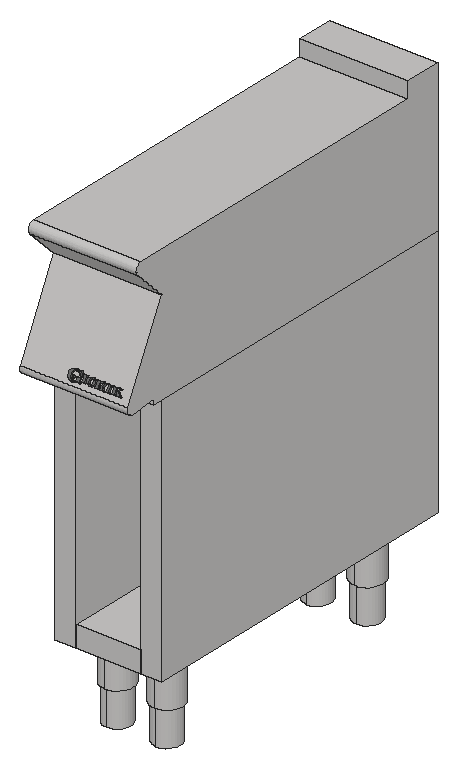
Revit family "QF_GIORIK_EN710G", category Specialty Equipment, Revit 2014
Parameters (values of type "EN710G")
  Weight in Pounds = 88.1848
  URL Cutsheet = "www.giorik.com"
  URL = "www.giorik.com"
  Status [instance] = ""
  Specification by User [instance] = ""
  Specification by Manufacturer = ""
  Show Logo [instance] = yes
  Show Clearance [instance] = yes
  Serial Number = ""
  Seismic Rating = ""
  SMACNA No = ""
  Revision Code [instance] = ""
  NAFEM Spec ID Number = ""
  Model = "EN710G"
  Masterspec = ""
  Manufacturer = "GIORIK"
  Item Number [instance] = ""
  Installed By [instance] = ""
  Identify Quantity as Lot [instance] = no
  Furnished By [instance] = ""
  Foodservice Equipment Identifier [instance] = yes
  Description = "NEUTRAL UNIT ON OPEN BASE UNIT"
  CSI MasterFormat = ""
  Assembly Code = "E1090320"
Reference planes
  plane 1 "Back": y = 0
  plane 2: z = 0
  plane 3 "Left": x = 0
  plane 4 "Right": x = 200
  plane 5 "Front": y = -720
  plane 6 "Top": z = 900
Forms (mm)
  Extrusion 1, solid, visible <- "Show Logo"
    sketch origin (-8.396, -736.761, 609.486) x (-1, 0, 0) y (0, 0.452718, 0.891654)
      loop
        line (-118.824, 58.358) -> (-127.804, 58.358) -> (-125.523, 56.445) -> (-125.523, 48.027) -> (-127.804, 46.113) -> (-118.824, 46.113) -> (-121.105, 48.027) -> (-121.105, 56.445) -> (-118.824, 58.358)
      loop
        line (-163.721, 58.358) -> (-172.7, 58.358) -> (-170.42, 56.445) -> (-170.42, 48.027) -> (-172.7, 46.113) -> (-163.721, 46.113) -> (-166.001, 48.027) -> (-166.001, 56.445) -> (-163.721, 58.358)
      loop
        line (-174.332, 58.358) -> (-183.312, 58.358) -> (-181.031, 56.445) -> (-181.031, 52.435) -> (-186.419, 56.955) -> (-184.416, 58.358) -> (-191.268, 58.358) -> (-188.01, 56.839) -> (-185.455, 54.283) -> (-190.846, 47.858) -> (-193.396, 46.93) -> (-193.396, 46.113) -> (-184.416, 46.113) -> (-185.437, 47.571) -> (-182.443, 51.552) -> (-181.031, 50.894) -> (-181.031, 48.027) -> (-183.312, 46.113) -> (-174.332, 46.113) -> (-176.613, 48.027) -> (-176.613, 56.445) -> (-174.332, 58.358)
      loop
        line (-115.429, 62.063) -> (-115.429, 54.198)
        arc (-115.429, 54.198) -> (-111.618, 57.803) -> (-106.847, 59.986) r 16.039
        arc (-106.847, 59.986) -> (-103.314, 59.837) -> (-100.512, 57.68) r 5.851
        arc (-100.512, 57.68) -> (-98.815, 52.267) -> (-100.512, 46.853) r 9.479
        arc (-100.512, 46.853) -> (-102.406, 44.986) -> (-104.846, 43.93) r 7.236
        arc (-104.846, 43.93) -> (-107.728, 44.111) -> (-110.052, 45.825) r 5.11
        line (-110.052, 45.825) -> (-110.052, 52.001) -> (-116.141, 52.001) -> (-116.141, 45.503) -> (-117.893, 43.751) -> (-114.094, 44.769)
        arc (-114.094, 44.769) -> (-112.56, 44.947) -> (-111.129, 44.366) r 3.115
        arc (-111.129, 44.366) -> (-104.216, 42.091) -> (-97.303, 44.366) r 11.641
        arc (-97.303, 44.366) -> (-93.396, 52.107) -> (-97.303, 59.849) r 9.622
        arc (-97.303, 59.849) -> (-104.369, 62.174) -> (-111.435, 59.849) r 11.898
        line (-111.435, 59.849) -> (-115.429, 62.063)
      loop
        arc (-129.234, 56.068) -> (-135.893, 58.628) -> (-142.552, 56.068) r 9.941
        arc (-142.552, 56.068) -> (-144.234, 52.286) -> (-142.552, 48.505) r 5.093
        arc (-142.552, 48.505) -> (-135.893, 45.945) -> (-129.234, 48.505) r 9.941
        arc (-129.234, 48.505) -> (-127.552, 52.286) -> (-129.234, 56.068) r 5.093
      loop
        arc (-132.628, 54.403) -> (-135.893, 57.668) -> (-139.158, 54.403) r 3.265
        line (-139.158, 54.403) -> (-139.158, 50.169)
        arc (-139.158, 50.169) -> (-135.893, 46.904) -> (-132.628, 50.169) r 3.265
        line (-132.628, 50.169) -> (-132.628, 54.403)
      loop
        arc (-156.363, 58.365) -> (-159.647, 55.081) -> (-156.363, 51.796) r 3.285
        line (-156.363, 51.796) -> (-159.529, 47.306) -> (-162.087, 46.113) -> (-155.847, 46.113) -> (-153.529, 51.083) -> (-150.637, 51.083) -> (-150.637, 47.784) -> (-153.022, 46.113) -> (-144.011, 46.113) -> (-146.094, 47.68) -> (-146.094, 56.493) -> (-144.229, 58.365) -> (-156.363, 58.365)
      loop
        line (-150.637, 57.512) -> (-153.637, 57.512)
        arc (-153.637, 57.512) -> (-156.237, 54.912) -> (-153.637, 52.312) r 2.6
        line (-153.637, 52.312) -> (-150.637, 52.312) -> (-150.637, 57.512)
      loop
        line (-108.924, 52.001) -> (-104.936, 49.005) -> (-100.948, 52.001) -> (-108.924, 52.001)
    from 1.5 to -0.5
  Extrusion 2, solid
    sketch origin (-16, 1025.81, 0) x (1, 0, 0) y (0, 1, 0)
      loop
        line (25, -1086.81) -> (25, -1156.81) -> (115, -1156.81) -> (115, -1086.81) -> (25, -1086.81)
    from 148 to 150
  Extrusion 3, solid
    sketch origin (0, 0, 0) x (1, 0, 0) y (0, 1, 0)
      loop
        line (40, -40) -> (40, -640) -> (160, -640) -> (160, -40) -> (40, -40)
    from 150 to 190
  Extrusion 4, solid
    sketch origin (216, 1025.81, 0) x (-1, 0, 0) y (0, -1, 0)
      loop
        line (25, 1086.81) -> (115, 1086.81) -> (115, 1156.81) -> (25, 1156.81) -> (25, 1086.81)
    from 148 to 150
  Extrusion 5, solid
    sketch origin (0, 1000, -20) x (0, 1, 0) y (0, 0, 1)
      loop
        line (-1000, 919.988) -> (-1070, 919.988) -> (-1070, 889.988) -> (-1688.806, 889.988)
        arc (-1688.806, 889.988) -> (-1699.151, 883.075) -> (-1696.724, 870.873) r 11.197
        line (-1696.724, 870.873) -> (-1640.876, 815.025) -> (-1718.948, 661.258)
        arc (-1718.948, 661.258) -> (-1718.233, 650.105) -> (-1708.118, 645.354) r 10.981
        line (-1708.118, 645.354) -> (-1660, 649.925) -> (-1660, 640) -> (-1000, 640) -> (-1000, 919.988)
    from 0 to 200
  Extrusion 6, solid
    sketch origin (0, 0, 599.536) x (1, 0, 0) y (0, 1, 0)
      loop
        line (0, -640) -> (40, -640) -> (40, -40) -> (160, -40) -> (160, -640) -> (200, -640) -> (200, 0) -> (0, 0) -> (0, -640)
    from -449.536 to 20.464
  Extrusion 7, solid
    sketch origin (-16, 560.81, 0) x (1, 0, 0) y (0, 1, 0)
      loop
        line (25, -1086.81) -> (25, -1156.81) -> (115, -1156.81) -> (115, -1086.81) -> (25, -1086.81)
    from 148 to 150
  Revolve 8, solid
    sketch origin (54, 560.81, 0) x (0, 1, 0) y (0, 0, 1)
      loop
        line (-1092.56, 66) -> (-1092.56, 148) -> (-1121.81, 148) -> (-1121.81, 0) -> (-1096.81, 0) -> (-1096.81, 66) -> (-1092.56, 66)
      axis (-1121.81, 0) -> (-1121.81, 148)
    angle from 0 to 360
  Extrusion 9, solid
    sketch origin (216, 560.81, 0) x (-1, 0, 0) y (0, -1, 0)
      loop
        line (25, 1086.81) -> (115, 1086.81) -> (115, 1156.81) -> (25, 1156.81) -> (25, 1086.81)
    from 148 to 150
  Revolve 10, solid
    sketch origin (146, 560.81, 0) x (0, 1, 0) y (0, 0, 1)
      loop
        line (-1092.56, 66) -> (-1092.56, 148) -> (-1121.81, 148) -> (-1121.81, 0) -> (-1096.81, 0) -> (-1096.81, 66) -> (-1092.56, 66)
      axis (-1121.81, 0) -> (-1121.81, 148)
    angle from 0 to 360
  Revolve 11, solid
    sketch origin (146, 1025.81, 0) x (0, 1, 0) y (0, 0, 1)
      loop
        line (-1092.56, 66) -> (-1092.56, 148) -> (-1121.81, 148) -> (-1121.81, 0) -> (-1096.81, 0) -> (-1096.81, 66) -> (-1092.56, 66)
      axis (-1121.81, 0) -> (-1121.81, 148)
    angle from 0 to 360
  Revolve 12, solid
    sketch origin (54, 1025.81, 0) x (0, 1, 0) y (0, 0, 1)
      loop
        line (-1092.56, 66) -> (-1092.56, 148) -> (-1121.81, 148) -> (-1121.81, 0) -> (-1096.81, 0) -> (-1096.81, 66) -> (-1092.56, 66)
      axis (-1121.81, 0) -> (-1121.81, 148)
    angle from 0 to 360
Lines and regions (mm)
  symbolic lines, style "200-EquipBorder-2D"
    curve 1: line (0, -720, 0) -> (200, -720, 0)
    curve 2: line (200, -720, 0) -> (200, 0, 0)
    curve 3: line (200, 0, 0) -> (0, 0, 0)
    curve 4: line (0, 0, 0) -> (0, -720, 0)
  symbolic lines, style "200-EquipInternal-2D"
    curve 5: line (0, -70, 900) -> (200, -70, 900)
Dimensions and locks
  plane 3 "Left" to plane 4 "Right" = 200 mm
  plane 5 "Front" to plane 1 "Back" = 720 mm
  plane 4 "Right" to plane 3 "Left" = 200 mm
  plane 1 "Back" to plane 5 "Front" = 720 mm
  plane 6 "Top" to level = 900 mm  (x2)
  aligned and locked: level to plane 2
